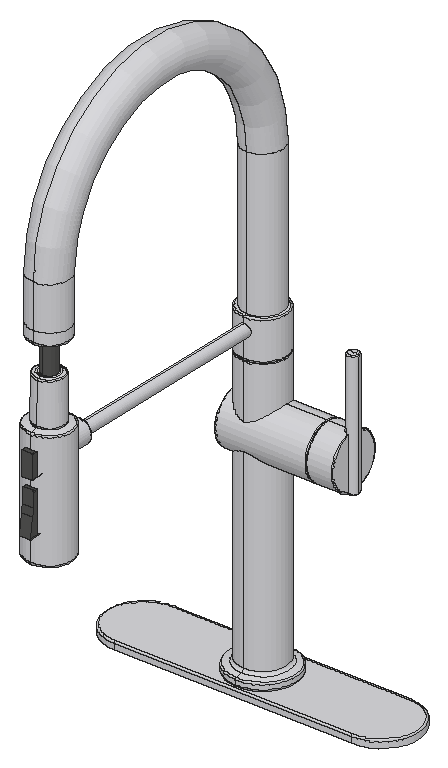
Revit family "Faucet-Kitchen-KOHLER-Crue-K-22973", category Plumbing Fixtures, host Face, Revit 2017 (continued)
Definition of nested family "K-22973"
  Lines and regions (in)
    symbolic lines, detail levels medium+fine
      curve 288: line (-0.66394, 0, 12.76026) -> (-0.49085, 0, 12.76026)
      curve 289: line (-0.66394, 0, 12.85113) -> (-0.49004, 0, 12.85113)
      curve 290: line (-0.66394, 0, 12.94201) -> (-0.48924, 0, 12.94201)
      curve 291: line (-0.66394, 0, 13.12376) -> (-0.48764, 0, 13.12376)
      curve 292: line (-0.66394, 0, 13.03288) -> (-0.48844, 0, 13.03288)
      curve 293: line (-0.66394, 0, 13.39638) -> (-0.25597, 0, 13.39638)
      curve 294: line (-0.66394, 0, 13.30551) -> (-0.25597, 0, 13.30551)
      curve 295: line (-0.66394, 0, 13.21463) -> (-0.46984, 0, 13.21463)
      curve 296: line (-0.66394, 0, 12.66939) -> (-0.49165, 0, 12.66939)
      curve 297: line (-0.66394, 0, 12.57851) -> (-0.49245, 0, 12.57851)
      curve 298: line (-0.66394, 0, 12.39676) -> (-0.49405, 0, 12.39676)
      curve 299: line (-0.66394, 0, 12.48764) -> (-0.49325, 0, 12.48764)
      curve 300: line (-0.66394, 0, 12.30589) -> (-0.49485, 0, 12.30589)
      curve 301: line (-0.66394, 0, 11.85152) -> (-0.49886, 0, 11.85152)
      curve 302: line (-0.66394, 0, 11.76064) -> (-0.49289, 0, 11.76064)
      curve 303: line (-0.66394, 0, 11.94239) -> (-0.49806, 0, 11.94239)
      curve 304: line (-0.66394, 0, 12.03327) -> (-0.49726, 0, 12.03327)
      curve 305: line (-0.66394, 0, 12.21501) -> (-0.49565, 0, 12.21501)
      curve 306: line (-0.66394, 0, 12.12414) -> (-0.49645, 0, 12.12414)
      curve 307: line (0.46579, 0, 11.74697) -> (0.51344, 0, 11.74697)
      curve 308: line (0.51344, 0, 11.74697) -> (0.66394, 0, 11.71023)
      curve 309: arc (0.46579, 0, 11.74697) -> (0.48972, 0, 11.75694) -> (0.49948, 0, 11.78096) r 0.03369
      curve 310: arc (0.48707, 0, 13.18878) -> (0.48135, 0, 13.20552) -> (0.46676, 0, 13.21552) r 0.02808
      curve 311: line (0.25597, 0, 13.24874) -> (0.25597, 0, 14.35287)
      curve 312: line (0.25597, 0, 14.35287) -> (0.63182, 0, 14.35287)
      curve 313: arc (0.63182, 0, 14.35287) -> (0.65346, 0, 14.3612) -> (0.66394, 0, 14.38188) r 0.03228
      curve 314: line (0.66394, 0, 14.21425) -> (0.25597, 0, 14.21425)
      curve 315: line (0.66394, 0, 14.12337) -> (0.25597, 0, 14.12337)
      curve 316: line (0.66394, 0, 14.0325) -> (0.25597, 0, 14.0325)
      curve 317: line (0.66394, 0, 13.85075) -> (0.25597, 0, 13.85075)
      curve 318: line (0.66394, 0, 13.94163) -> (0.25597, 0, 13.94163)
      curve 319: line (0.66394, 0, 13.48725) -> (0.25597, 0, 13.48725)
      curve 320: line (0.66394, 0, 13.57813) -> (0.25597, 0, 13.57813)
      curve 321: line (0.66394, 0, 13.669) -> (0.25597, 0, 13.669)
      curve 322: line (0.66394, 0, 13.75988) -> (0.25597, 0, 13.75988)
      curve 323: line (0.66394, 0, 12.76026) -> (0.49085, 0, 12.76026)
      curve 324: line (0.66394, 0, 12.85113) -> (0.49004, 0, 12.85113)
      curve 325: line (0.66394, 0, 12.94201) -> (0.48924, 0, 12.94201)
      curve 326: line (0.66394, 0, 13.12376) -> (0.48764, 0, 13.12376)
      curve 327: line (0.66394, 0, 13.03288) -> (0.48844, 0, 13.03288)
      curve 328: line (0.66394, 0, 13.39638) -> (0.25597, 0, 13.39638)
      curve 329: line (0.66394, 0, 13.30551) -> (0.25597, 0, 13.30551)
      curve 330: line (0.66394, 0, 13.21463) -> (0.46984, 0, 13.21463)
      curve 331: line (0.66394, 0, 12.66939) -> (0.49165, 0, 12.66939)
      curve 332: line (0.66394, 0, 12.57851) -> (0.49245, 0, 12.57851)
      curve 333: line (0.66394, 0, 12.39676) -> (0.49405, 0, 12.39676)
      curve 334: line (0.66394, 0, 12.48764) -> (0.49325, 0, 12.48764)
      curve 335: line (0.66394, 0, 12.30589) -> (0.49485, 0, 12.30589)
      curve 336: line (0.66394, 0, 11.85152) -> (0.49886, 0, 11.85152)
      curve 337: line (0.66394, 0, 11.76064) -> (0.49289, 0, 11.76064)
      curve 338: line (0.66394, 0, 11.94239) -> (0.49806, 0, 11.94239)
      curve 339: line (0.66394, 0, 12.03327) -> (0.49726, 0, 12.03327)
      curve 340: line (0.66394, 0, 12.21501) -> (0.49565, 0, 12.21501)
      curve 341: line (0.66394, 0, 12.12414) -> (0.49645, 0, 12.12414)
      curve 342: line (-1.09054, 0, 0.49287) -> (1.09054, 0, 0.49287)
      curve 343: line (-1.125, 0, 0.28523) -> (1.125, 0, 0.28523)
      curve 344: line (0, 1.09048, 0.49261) -> (0, -1.09048, 0.49261)
      curve 345: line (0, 1.125, 0.28516) -> (0, -1.125, 0.28516)
      curve 346: line (0, -7.7336, 11.25929) -> (0, -7.7336, 10.47251)
      curve 347: line (0, -8.23629, 11.2595) -> (0, -8.23629, 10.47229)
      curve 348: line (0, -8.23629, 11.27122) -> (0, -8.23629, 10.46057)
  Dimensions and locks (in)
    locked: plane 4 to plane 5 at 10.5
    locked: plane 7 to plane 6 at 2.5
    plane 8 to level = 21 3/8"
    plane 1 "Center (Front/Back)" to plane 9 = 9"
    plane 10 to level = 7 11/16"
    plane 11 to level = 10 15/16"
    plane 11 to plane 12 = 3 3/16"
    plane 13 to plane 3 "Center (Left/Right)" = 4 9/16"
    plane 6 to plane 7 = 2 1/2"
    plane 19 to plane 18 = 2 1/4"
    plane 18 to plane 19 = 2 1/4"
    plane 22 to plane 21 = 2 1/4"
    plane 23 to level = 1/4"  (x2)
    aligned and locked: plane 2 to level
Definition of nested family "K-22973_Plate"
  Parameters (values of type "K-22973_Plate")
    Material = none
    Escutcheon Plate = yes
  Reference planes (in)
    plane 1 "Center (Front/Back)": y = 0
    plane 2: z = 0
    plane 3 "Center (Left/Right)": x = 0
    plane 4: x = -5.25
    plane 5: x = 5.25
    plane 6: y = 1.25
    plane 7: y = -1.25
    plane 8: z = 0.25
  Forms (in)
    Sweep 1, solid, material <- "Material", visible <- "Escutcheon Plate", detail levels medium+fine
      path origin (0, 0, 0) x (1, 0, 0) y (0, 1, 0)
        loop
          arc (-4, 1.25) -> (-5.25, 0) -> (-4, -1.25) r 1.25
          line (-4, -1.25) -> (4, -1.25)
          arc (4, -1.25) -> (5.25, 0) -> (4, 1.25) r 1.25
          line (4, 1.25) -> (-4, 1.25)
      profile origin (0, 1.25, 0) x (0, 1, 0) y (0, 0, 1)
        loop
          arc (0, 0.20011) -> (-0.01461, 0.23539) -> (-0.04989, 0.25) r 0.04989
          line (-0.04989, 0.25) -> (-0.09507, 0.25) -> (-0.09507, 0) -> (0, 0) -> (0, 0.20011)
    Extrusion 2, solid, material <- "Material", visible <- "Escutcheon Plate", detail levels coarse
      sketch origin (0, 0, 0) x (1, 0, 0) y (0, 1, 0)
        loop
          arc (-4, 1.25) -> (-5.25, 0) -> (-4, -1.25) r 1.25
          line (-4, -1.25) -> (4, -1.25)
          arc (4, -1.25) -> (5.25, 0) -> (4, 1.25) r 1.25
          line (4, 1.25) -> (-4, 1.25)
      from 0 to 0.25
    Extrusion 3, solid, material <- "Material", visible <- "Escutcheon Plate", detail levels medium+fine
      sketch origin (0, 0, 0) x (1, 0, 0) y (0, 1, 0)
        loop
          line (-4, -1.15493) -> (4, -1.15493)
          arc (4, -1.15493) -> (5.15493, 0) -> (4, 1.15493) r 1.15493
          line (4, 1.15493) -> (-4, 1.15493)
          arc (-4, 1.15493) -> (-5.15493, 0) -> (-4, -1.15493) r 1.15493
      from 0 to 0.25
    Extrusion 4, solid, material <- "Material", detail levels medium+fine
      sketch origin (0, 0, 0) x (1, 0, 0) y (0, 1, 0)
        loop
          circle (-0.43272, 0) r 0.09479
        loop
          circle (0.43272, 0) r 0.09479
      from 0 to 0.0478
  Cuts and joins
    joined: Sweep 1, Extrusion 3
  Lines and regions (in)
    Masking region 1, visible <- "Escutcheon Plate"
      outline origin (0, 0, 0) x (1, 0, 0) y (0, 1, 0)
        loop
          line (-4, -1.25) -> (4, -1.25)
          arc (4, -1.25) -> (5.25, 0) -> (4, 1.25) r 1.25
          line (4, 1.25) -> (-4, 1.25)
          arc (-4, 1.25) -> (-5.25, 0) -> (-4, -1.25) r 1.25
    Masking region 2, visible <- "Escutcheon Plate"
      outline origin (0, 0, 0) x (1, 0, 0) y (0, 0, 1)
        loop
          line (-5.25, 0.19141) -> (-5.25, 0) -> (5.25, 0) -> (5.25, 0.19141)
          arc (5.25, 0.19141) -> (5.23284, 0.23284) -> (5.19141, 0.25) r 0.05859
          line (5.19141, 0.25) -> (-5.19141, 0.25)
          arc (-5.19141, 0.25) -> (-5.23284, 0.23284) -> (-5.25, 0.19141) r 0.05859
    Masking region 3, visible <- "Escutcheon Plate"
      outline origin (0, 0, 0) x (0, 1, 0) y (0, 0, 1)
        loop
          line (1.25, 0) -> (1.25, 0.19299)
          arc (1.25, 0.19299) -> (1.2333, 0.2333) -> (1.19299, 0.25) r 0.05701
          line (1.19299, 0.25) -> (-1.19141, 0.25)
          arc (-1.19141, 0.25) -> (-1.23284, 0.23284) -> (-1.25, 0.19141) r 0.05859
          line (-1.25, 0.19141) -> (-1.25, 0) -> (1.25, 0)
  Dimensions and locks (in)
    locked: plane 4 to plane 5 at 10.5
    locked: plane 7 to plane 6 at 2.5
    plane 8 to level = 1/4"
    aligned and locked: plane 2 to level
Types (5): name | Type | Model | Finish
  (no name) | 1 | "K-22973-CP" | Kohler-Metal-CP-Polished_Chrome
  CP-Polished Chrome | 1 | "K-22973-CP" | Kohler-Metal-CP-Polished_Chrome
  VS-Vibrant Stainless | 2 | "K-22973-VS" | Kohler-Metal-VS-Vibrant_Stainless
  BL-Matte Black | 3 | "K-22973-BL" | Kohler-Metal-BL-Matte_Black
  2MB-Vibrant Brushed Moderne Brass | 4 | "K-22973-2MB" | Kohler-Metal-2MB-Vibrant_Brushed_Moderne_Brass
